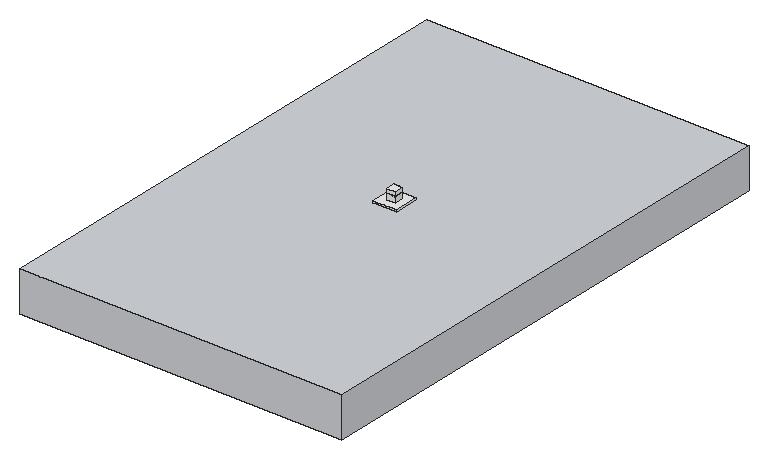
Revit family "Thermostatic_Trim-GROHE-Eurocube-19928000", category Plumbing Fixtures, host Face, Revit 2014
Parameters (values of type "19928000")
  Width = 7 3/16"  # constant formula
  Waste Connection = no
  Warranty Documentation Link = "https://cdn.cloud.grohe.com/tpi/1000/1900/1940/1949/1949006/original/1949006.pdf"
  WFU = 4  # constant formula
  Vent Connection = no
  URL = "https://www.grohe.us/"
  Type Comments = ""
  Tempered Connection Radius = Tempered Connection Diameter / 2  # 1/4"
  Tempered Connection Diameter = Hot Water Connection Diameter  # 1/2"
  Product Page URL = "https://www.grohe.us/en_us/eurocube-custom-shower-thermostatic-trim-with-control-module-19928000.html"
  Price = "Prices may vary. Please consult Manufacturer Representative for most up-to-date price list."  # constant formula
  Model = "19928000"
  Material = "Metal-Grohe-000-Chrome"
  Manufacturer = "Grohe"
  Length = 3 7/16"  # constant formula
  Installation Type = "Wall Mounted"
  Hot Water Connection Radius = Hot Water Connection Diameter / 2  # 1/4"
  Hot Water Connection Diameter = Cold Water Connection Diameter  # 1/2"
  Height = 40"
  HWFU = 3  # constant formula
  HW Connection = yes
  Flow Rate = "14 gpm at 45 psi"  # constant formula
  Finish = Metal-Grohe-000-Chrome
  Description = "Eurocube Custom shower thermostatic trim with control module"  # constant formula
  Default Elevation = 44"  # constant formula
  Creation Date = "06/29/2017"  # constant formula
  Cold Water Connection Radius = 1/4"  # constant formula
  Cold Water Connection Diameter = Cold Water Connection Radius * 2  # 1/2"
  CWFU = 3  # constant formula
  CW Connection = yes
  Assembly Code = "D2010710"
  ADA Compliant = yes
Reference planes (in)
  plane 1 "Center (Front/Back)": y = 0
  plane 2: z = 0
  plane 3 "Center (Left/Right)": x = 0
  plane 4: y = 40
  plane 5: y = -18
  plane 6: y = -39
  plane 7: y = 3.34375
  plane 8: y = -3.34375
  plane 9: x = 3.34375
  plane 10: x = -3.34375
  plane 11: z = 0.75
  plane 12: y = 1.25
  plane 13: y = -1.25
  plane 14: x = -1.25
  plane 15: x = 1.25
  plane 16: x = -0.15075
  plane 17: x = 0.15075
Forms (in)
  Extrusion 1, solid
    sketch origin (0, 0, 0) x (1, 0, 0) y (0, 1, 0)
      loop
        line (-48, 72) -> (-48, -79.70833) -> (48, -79.70833) -> (48, 72) -> (-48, 72)
    from 0 to -12
  Extrusion 2, solid, material "Metal-Grohe-000-Chrome" <- "Finish"
    sketch origin (0, 0, 0) x (1, 0, 0) y (0, 1, 0)
      loop
        line (-3.53758, 3.58094) -> (-3.53758, -3.60462) -> (3.53758, -3.60462) -> (3.53758, 3.58094) -> (-3.53758, 3.58094)
    from 0 to 0.50639
  Extrusion 3, solid, material "Metal-Grohe-000-Chrome" <- "Finish"
    sketch origin (0, 0, 0) x (1, 0, 0) y (0, 1, 0)
      loop
        line (-1.27501, 1.26317) -> (-1.27501, -1.28685) -> (1.27501, -1.28685) -> (1.27501, 1.26317) -> (-1.27501, 1.26317)
    from 0.18606 to 3.51071
  Extrusion 4, solid, material "Metal-Grohe-000-Chrome" <- "Finish"
    sketch origin (0, 0, 0) x (1, 0, 0) y (0, 1, 0)
      loop
        circle (-0.81362, 0) r 0.25
      loop
        circle (0.81362, 0) r 0.25
    from 0 to 0.0625
  Extrusion 5, solid, material "Metal-Grohe-000-Chrome" <- "Finish"
    sketch origin (0, 0, 0) x (0, 1, 0) y (0, 0, 1)
      loop
        line (1.63208, 3.20018) -> (0.69479, 3.20018) -> (0.69479, 2.40512) -> (1.63208, 2.40512) -> (1.63208, 3.20018)
    from -0.15075 to 0.15075
  Extrusion 6, void
    sketch origin (0, -0.04483, 0.85534) x (1, 0, 0) y (0, 1, 0)
      loop
        line (-1.21251, 1.20067) -> (-1.21251, -1.22435) -> (1.21251, -1.22435) -> (1.21251, 1.20067) -> (-1.21251, 1.20067)
      loop
        line (-1.33751, 1.32567) -> (-1.33751, -1.34935) -> (1.33751, -1.34935) -> (1.33751, 1.32567) -> (-1.33751, 1.32567)
    from 1.36659 to 1.43215
Cuts and joins
  Extrusion 6 cuts Extrusion 2
  Extrusion 6 cuts Extrusion 3
  Extrusion 6 cuts Extrusion 4
  joined: Extrusion 2, Extrusion 3, Extrusion 4, Extrusion 5
Lines and regions (in)
  Masking region 1
    outline origin (0, 0, 0) x (1, 0, 0) y (0, 0, 1)
      loop
        line (3.53758, 0) -> (3.53758, 0.50639) -> (1.27501, 0.50639) -> (1.27501, 2.22193) -> (1.21251, 2.22193) -> (1.21251, 2.28749) -> (1.27501, 2.28749) -> (1.27501, 3.51071) -> (-1.27501, 3.51071) -> (-1.27501, 2.28749) -> (-1.21251, 2.28749) -> (-1.21251, 2.22193) -> (-1.27501, 2.22193) -> (-1.27501, 0.50639) -> (-3.53758, 0.50639) -> (-3.53758, 0) -> (3.53758, 0)
  symbolic lines, detail levels medium+fine
    curve 1: line (1.27501, 0, 0.50639) -> (-1.27501, 0, 0.50639)
    curve 4: line (0.15075, 0, 3.20018) -> (-0.15075, 0, 3.20018)
    curve 5: line (0.15075, 0, 2.40512) -> (0.15075, 0, 3.20018)
    curve 6: line (-0.15075, 0, 2.40512) -> (0.15075, 0, 2.40512)
    curve 7: line (-0.15075, 0, 3.20018) -> (-0.15075, 0, 2.40512)
  symbolic lines, detail levels fine
    curve 2: line (1.21251, 0, 2.28749) -> (-1.21251, 0, 2.28749)
    curve 3: line (1.21251, 0, 2.22193) -> (-1.21251, 0, 2.22193)
Dimensions and locks (in)
  plane 1 "Center (Front/Back)" to plane 5 = 18"
  plane 5 to plane 6 = 21"
  plane 1 "Center (Front/Back)" to plane 4 = 40"
  equal spacing: plane 7, plane 1 "Center (Front/Back)", plane 8
  plane 7 to plane 8 = 6 11/16"
  plane 11 to level = 3/4"
  "Hot Water Connection Diameter": diameter of Extrusion 4 sketch curve
  "Cold Water Connection Diameter": diameter of Extrusion 4 sketch curve
  aligned and locked: plane 2 to Extrusion 1
  aligned and locked: level to Extrusion 1
Automatic sketch dimensions
  Extrusion 1 sketch curve to Extrusion 1 sketch curve = 96"
  Extrusion 1 sketch curve to Extrusion 1 sketch curve = 151.70833"
  Extrusion 2 sketch curve to plane 10 = 0.19383"
  Extrusion 2 sketch curve to plane 9 = 0.19383"
  Extrusion 2 sketch curve to plane 8 = 0.26087"
  Extrusion 2 sketch curve to plane 7 = 0.23719"
  plane 14 to Extrusion 3 sketch curve = 0.02501"
  plane 15 to Extrusion 3 sketch curve = 0.02501"
  plane 13 to Extrusion 3 sketch curve = 0.03685"
  plane 12 to Extrusion 3 sketch curve = 0.01317"
  plane 1 "Center (Front/Back)" to Extrusion 4 sketch curve = 0"  (x2)
  Extrusion 4 sketch curve to plane 14 = 0.43638"
  Extrusion 4 sketch curve to plane 15 = 0.43638"
  Extrusion 5 sketch curve to plane 12 = 0.55521"
  plane 12 to Extrusion 5 sketch curve = 0.38208"
  plane 11 to Extrusion 5 sketch curve = 1.65512"
  Extrusion 5 sketch curve to Extrusion 5 sketch curve = 0.79506"
  plane 12 to Extrusion 6 sketch curve = 0.03084"
  plane 14 to Extrusion 6 sketch curve = 0.08751"
  Extrusion 6 sketch curve to plane 14 = 0.03749"
  Extrusion 6 sketch curve to plane 15 = 0.03749"
  plane 15 to Extrusion 6 sketch curve = 0.08751"
  Extrusion 6 sketch curve to plane 12 = 0.09416"
  plane 13 to Extrusion 6 sketch curve = 0.01918"
  plane 13 to Extrusion 6 sketch curve = 0.14418"
  Masking region 1 sketch curve to level = 0"
  Masking region 1 sketch curve to plane 10 = 0.19383"
  plane 14 to Masking region 1 sketch curve = 0.02501"  (x2)
  Masking region 1 sketch curve to plane 14 = 0.03749"
  Masking region 1 sketch curve to plane 15 = 0.03749"
  plane 15 to Masking region 1 sketch curve = 0.02501"  (x2)
  Masking region 1 sketch curve to plane 9 = 0.19383"
  Masking region 1 sketch curve to Masking region 1 sketch curve = 0.06556"  (x2)
  Masking region 1 sketch curve to Masking region 1 sketch curve = 1.22323"
  plane 16 to curve 4 = 0"
  curve 4 to plane 17 = 0"
  plane 11 to curve 6 = 1.65512"
  curve 5 to curve 4 = 0.79506"
  curve 3 to plane 14 = 0.03749"
  curve 2 to plane 14 = 0.03749"
  plane 14 to curve 1 = 0.02501"
  curve 3 to plane 15 = 0.03749"
  curve 2 to plane 15 = 0.03749"
  plane 15 to curve 1 = 0.02501"
  curve 2 to curve 6 = 0.11763"
  curve 3 to curve 2 = 0.06556"
  curve 1 to plane 11 = 0.24361"
  plane 11 to Masking region 1 sketch curve = 1.47193"
  Masking region 1 sketch curve to plane 11 = 0.24361"  (x2)
  Masking region 1 sketch curve to Masking region 1 sketch curve = 1.71553"
Connectors (in)
  piping at (-0.81362, 0, 0), diameter 0.5, driven by "Hot Water Connection Diameter"
    settings: on Extrusion 4, index 1, connector inside diameter 24", connector length 0", flow factor 0, pipe flow 0 GPM, pressure drop 0.00 psi, fitting loss kfactor 0, connector angle 0.00°, fixture units 0, engagement length 0", angle of deflection 0.00°, flow configuration 3, flow direction 1, fitting loss method 0, system type 19, joint type 0, gender type 0, connector reference index -1, connector utility 0, adjustable connector no, is connector primary yes, connector description "1/2\" NPT HW Inlet"
  piping at (0.81362, 0, 0), diameter 0.5, driven by "Cold Water Connection Diameter"
    settings: on Extrusion 4, index 2, connector inside diameter 24", connector length 0", flow factor 0, pipe flow 0 GPM, pressure drop 0.00 psi, fitting loss kfactor 0, connector angle 0.00°, fixture units 0, engagement length 0", angle of deflection 0.00°, flow configuration 3, flow direction 1, fitting loss method 0, system type 20, joint type 0, gender type 0, connector reference index -1, connector utility 0, adjustable connector no, is connector primary no, connector description "1/2\" NPT CW Inlet"
